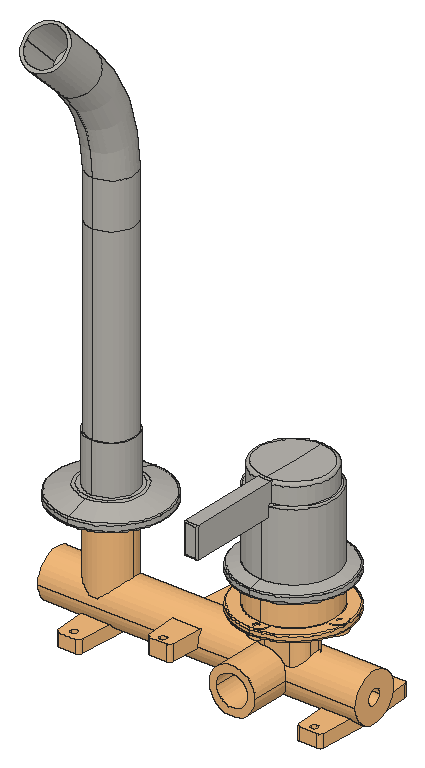
Revit family "Faucet-Handle-KOHLER-Components-K-77980_1", category Plumbing Fixtures, host Face, Revit 2015
Parameters (values of type "Lever Handle,BN-Vibrant Brushed Nickel")
  Width = 4"  # constant formula
  WaterSense Certified = 1 = 0  # no
  Waste Water Outlet = "Waste Water Outlet"  # constant formula
  Waste Connection = 1 = 0  # no
  Vent Connection = 1 = 0  # no
  URL = "https://www.us.kohler.com/us/"
  Type = 4
  Spout Reach = Length  # 9 5/8"
  Product Page URL = "http://www.us.kohler.com/us/catalog/productDetails.jsp?productNumber=77890-4"
  Product Name = "Components"  # constant formula
  Product Documentation Link = "https://www.us.kohler.com/webassets/kpna/catalog/pdf/en/K-77890-4_spec.pdf"
  Pressure = 0.00 psi
  Pin Handle = or(Type = 1, Type = 2)  # no
  Model = if(Type = 1, "K-77890-4A-CP", if(Type = 2, "K-77890-4A-BN", if(Type = 3, "K-77890-4-CP", if(Type = 4, "K-77890-4-BN", "NA"))))  # "K-77890-4-BN"
  Material = "Premium Metal Construction"  # constant formula
  MasterFormat 2004 = "22.41.39"  # constant formula
  MasterFormat 1995 = "15410"  # constant formula
  Manufacturer Address = "444 Highland Dr, Kohler, WI 53044"  # constant formula
  Manufacturer = "KOHLER Co."  # constant formula
  Lever Handle = or(Type = 3, Type = 4)  # yes
  Length = 9 5/8"  # constant formula
  Hot Water Inlet = "Hot Water Inlet"  # constant formula
  Height = 2 3/8"  # constant formula
  Handle Height = if(Pin Handle, 1 15/32", 2 5/32")  # 2 5/32"
  Handle Clearance = if(Pin Handle, 3 5/8", 2 13/16")  # 2 13/16"
  HW Connection = 1 = 1  # yes
  Flow Rate = 0 GPM
  Finish = Kohler-Metal-BN-Vibrant_Brushed_Nickel
  Faucet Hole Spacing = Width  # 4"
  Environmental Product Declaration = ""
  Drain Included = 1 = 0  # no
  Description = if(or(Type = 1, Type = 2), "Wall-Mount Bathroom Sink Pin Handle", if(or(Type = 3, Type = 4), "Wall-Mount Bathroom Sink Lever Handle", "NA"))  # "Wall-Mount Bathroom Sink Lever Handle"
  Default Elevation = 32"
  Declare Label = ""
  Date Modified = "04/23/2019"  # constant formula
  Date Created = "04/23/2019"  # constant formula
  Copyright = "Copyright KOHLER Co."  # constant formula
  Contact Us = "https://www.us.kohler.com/us/static/contact.jsp"
  Cold Water Inlet = "Cold Water Inlet"  # constant formula
  CW Connection = 1 = 1  # yes
  Assembly Code = "D2010"
  ADA Compliant = 1 = 0  # no
Types (5): name | Type | Product Page URL | Product Documentation Link | Pin Handle | Model | Lever Handle | Handle Height | Handle Clearance | Finish | Description
  (no name) | 4 | "http://www.us.kohler.com/us/catalog/productDetails.jsp?productNumber=77890-4" | "https://www.us.kohler.com/webassets/kpna/catalog/pdf/en/K-77890-4_spec.pdf" | no | "K-77890-4-BN" | yes | 2 5/32" | 2 13/16" | Kohler-Metal-BN-Vibrant_Brushed_Nickel | "Wall-Mount Bathroom Sink Lever Handle"
  Pin Handle,BN-Vibrant Brushed Nickel | 2 | "http://www.us.kohler.com/us/catalog/productDetails.jsp?productNumber=77890-4A" | "https://www.us.kohler.com/webassets/kpna/catalog/pdf/en/K-77890-4A_spec.pdf" | yes | "K-77890-4A-BN" | no | 1 15/32" | 3 5/8" | Kohler-Metal-BN-Vibrant_Brushed_Nickel | "Wall-Mount Bathroom Sink Pin Handle"
  Pin Handle,CP-Polished Chrome | 1 | "http://www.us.kohler.com/us/catalog/productDetails.jsp?productNumber=77890-4A" | "https://www.us.kohler.com/webassets/kpna/catalog/pdf/en/K-77890-4A_spec.pdf" | yes | "K-77890-4A-CP" | no | 1 15/32" | 3 5/8" | Kohler-Metal-CP-Polished_Chrome | "Wall-Mount Bathroom Sink Pin Handle"
  Lever Handle,BN-Vibrant Brushed Nickel | 4 | "http://www.us.kohler.com/us/catalog/productDetails.jsp?productNumber=77890-4" | "https://www.us.kohler.com/webassets/kpna/catalog/pdf/en/K-77890-4_spec.pdf" | no | "K-77890-4-BN" | yes | 2 5/32" | 2 13/16" | Kohler-Metal-BN-Vibrant_Brushed_Nickel | "Wall-Mount Bathroom Sink Lever Handle"
  Lever Handle,CP-Polished Chrome | 3 | "http://www.us.kohler.com/us/catalog/productDetails.jsp?productNumber=77890-4" | "https://www.us.kohler.com/webassets/kpna/catalog/pdf/en/K-77890-4_spec.pdf" | no | "K-77890-4-CP" | yes | 2 5/32" | 2 13/16" | Kohler-Metal-CP-Polished_Chrome | "Wall-Mount Bathroom Sink Lever Handle"
Reference planes (in)
  plane 1 "Center (Front/Back)": y = 0
  plane 2: z = 0
  plane 3 "Center (Left/Right)": x = 0
  plane 4: y = -1.1875
  plane 5: y = 1.1875
  plane 6: z = 2.15625
  plane 7: y = -2.8125
  plane 8: z = 9.625
  plane 9: x = 4
  plane 10: x = -1.1875
  plane 11: x = 2.8125
  plane 12: x = 1.1875
  plane 13: x = 5.1875
  plane 14: z = -0.625
  plane 15: x = 5.7698874
  plane 16: z = -2.451531
  plane 17: x = 3.7268019
  plane 18: z = -1.8732774
Forms (in)
  Extrusion 1, void
    sketch origin (0, 0, 0) x (0, 1, 0) y (0, 0, 1)
      loop
        line (1.247363, -2.4914824) -> (1.247363, -0.625) -> (-1.3718709, -0.625) -> (-1.3718709, -2.4914824) -> (1.247363, -2.4914824)
    from -1.1875 to 5.7698874
  Extrusion 2, void
    sketch origin (0, 0, 0) x (1, 0, 0) y (0, 1, 0)
      loop
        circle (0, 0) r 0.5532937
      loop
        circle (4, 0) r 0.9359104
    from -0.625 to 0
Dimensions and locks (in)
  "Handle Clearance": plane 7 to plane 1 "Center (Front/Back)"
  "Handle Clearance": plane 1 "Center (Front/Back)" to plane 7
  "Length": level to plane 8
  "Handle Height": plane 6 to level
  "Height": plane 5 to plane 4
  "Width": plane 9 to plane 3 "Center (Left/Right)"
  host face to plane 14 = 5/8"
  aligned and locked: plane 2 to host face
  aligned and locked: level to host face
  aligned and locked: nested 1 to plane 4
Automatic sketch dimensions
  host sketch curve to host sketch curve = 96"  (x2)
  Extrusion 1 sketch curve to plane 5 = 0.05986"
  Extrusion 1 sketch curve to plane 4 = 0.18437"
  Extrusion 1 sketch curve to level = 5/8"
  Extrusion 1 sketch curve to Extrusion 1 sketch curve = 1.86648"
  plane 1 "Center (Front/Back)" to Extrusion 2 sketch curve = 0"  (x2)
  Extrusion 2 sketch curve to plane 3 "Center (Left/Right)" = 0"
  Extrusion 2 sketch curve to plane 9 = 0"
  radius of Extrusion 2 sketch curve = 0.55329"
  radius of Extrusion 2 sketch curve = 0.93591"
Nested families (in)
  nested 1: "K-77980_Spout" at (0, 0, 0) x (1, 0, 0) z (0, 1, 0), type "K-77980_Spout"
  nested 2: "K-77980_Handle" at (4, 0, 0), type "K-77980_Handle"
    with Pin Handle no
Connectors (in)
  piping at (3.7268019, -1.3329802, -1.8810899), diameter 0.5, driven by "HW Connection", driven by "Hot Water Inlet"
    settings: on nested 2, index 1, connector inside diameter 24", connector length 0", flow factor 0, pipe flow 0 GPM, pressure drop 0.00 psi, fitting loss kfactor 0, connector angle 0.00°, fixture units 0, engagement length 0", angle of deflection 0.00°, flow configuration 0, flow direction 1, fitting loss method 0, system type 19, joint type 0, gender type 0, connector reference index -1, connector utility 1, adjustable connector no, is connector primary yes, connector description "Hot Water Inlet"
  piping at (5.7698874, 0, -1.8732774), diameter 0.5, driven by "CW Connection", driven by "Cold Water Inlet"
    settings: on nested 2, index 2, connector inside diameter 24", connector length 0", flow factor 0, pipe flow 0 GPM, pressure drop 0.00 psi, fitting loss kfactor 0, connector angle 0.00°, fixture units 0, engagement length 0", angle of deflection 0.00°, flow configuration 0, flow direction 1, fitting loss method 0, system type 20, joint type 0, gender type 0, connector reference index -1, connector utility 1, adjustable connector no, is connector primary no, connector description "Cold Water Inlet"
Definition of nested family "K-77980_Spout"
  Parameters (values of type "K-77980_Spout")
    Material = none
    Default Elevation = 48"
  Reference planes (in)
    plane 1 "Center (Front/Back)": y = 0
    plane 2: z = 0
    plane 3 "Center (Left/Right)": x = 0
    plane 4: z = 1.1875
    plane 5: z = -1.1875
    plane 6: x = -1.1875
    plane 7: x = 1.1875
    plane 8: y = -9.625
    plane 9: z = -1.8125
  Forms (in)
    Sweep 1, solid, material <- "Material", detail levels medium+fine
      path origin (0, 1.753937, 0) x (0, 1, 0) y (0, 0, 1)
        loop
          line (-7.2736007, 0) -> (-8.2736007, 0)
          arc (-8.2736007, 0) -> (-9.5160961, -0.2471477) -> (-10.5694328, -0.9509648) r 3.2467969
          line (-10.5694328, -0.9509648) -> (-11.4041701, -1.7857021)
      profile origin (0, -6.0196637, 0) x (0, 0, -1) y (1, 0, 0)
        loop
          circle (0, 0) r 0.4914397
    Revolve 2, solid, material <- "Material", detail levels medium+fine
      sketch origin (0, 0, 0) x (0, 1, 0) y (0, 0, 1)
        loop
          line (-0.3105858, 0.5209702) -> (-0.3105858, 0.6136659)
          arc (-0.3105858, 0.6136659) -> (-0.3085098, 0.6473574) -> (-0.3023133, 0.6805391) r 0.2744283
          arc (-0.3023133, 0.6805391) -> (-0.2361483, 0.9254262) -> (-0.1613457, 1.1678144) r 7.1562241
          arc (-0.1613457, 1.1678144) -> (-0.1509471, 1.1820616) -> (-0.134168, 1.1875) r 0.0286034
          line (-0.134168, 1.1875) -> (-0.0211425, 1.1875)
          arc (-0.0211425, 1.1875) -> (-0.0061925, 1.1813075) -> (0, 1.1663575) r 0.0211425
          line (0, 1.1663575) -> (0, 0) -> (-5.8505408, 0) -> (-5.8505408, 0.2138009) -> (-5.5196637, 0.4914397) -> (-1.3779528, 0.4914397) -> (-1.3779528, 0.5242343) -> (-0.3105858, 0.5242343)
        axis (-5.8505408, 0) -> (0, 0)
      angle from 0 to 360
    Extrusion 3, void
      sketch origin (0, -9.6502331, -1.7857021) x (1, 0, 0) y (0, -0.707107, 0.707107)
        loop
          circle (0, 0) r 0.4233733
      from -1.0767243 to 0.2907991
    Sweep 4, solid, material <- "Material", detail levels coarse
      path origin (0, 0, 0) x (0, 1, 0) y (0, 0, 1)
        loop
          line (-0.3105858, 0) -> (-6.6276094, 0)
          arc (-6.6276094, 0) -> (-7.770376, -0.2273104) -> (-8.7391667, -0.8746356) r 2.9861929
          line (-8.7391667, -0.8746356) -> (-9.6502331, -1.7857021)
      profile origin (0, -3.4690976, 0) x (0, 0, -1) y (1, 0, 0)
        loop
          circle (0, 0) r 0.5
    Revolve 5, solid, material <- "Material", detail levels coarse
      sketch origin (0, 0, 0) x (0, 1, 0) y (0, 0, 1)
        loop
          line (-0.3011374, 0) -> (0, 0) -> (0, 1.1825176) -> (-0.3011374, 1.1825176) -> (-0.3011374, 0)
        axis (0, 0) -> (-0.3011374, 0)
      angle from 0 to 360
  Cuts and joins
    joined: Sweep 4, Revolve 5
    Extrusion 3 cuts Sweep 1
    Extrusion 3 cuts Revolve 2
    joined: Sweep 1, Revolve 2
  Lines and regions (in)
    Masking region 1
      outline origin (0, 0, 0) x (1, 0, 0) y (0, 1, 0)
        loop
          line (1.1875, 0) -> (-1.1875, 0) -> (-1.1875, -0.1344324)
          arc (-1.1875, -0.1344324) -> (-1.1826819, -0.1493216) -> (-1.1700543, -0.1585654) r 0.0254146
          arc (-1.1700543, -0.1585654) -> (-0.9206191, -0.2356434) -> (-0.6684041, -0.3030717) r 6.7872948
          arc (-0.6684041, -0.3030717) -> (-0.6388255, -0.3085676) -> (-0.6088084, -0.3105858) r 0.2582114
          line (-0.6088084, -0.3105858) -> (-0.5242343, -0.3105858) -> (-0.5242343, -1.3779528) -> (-0.4914397, -1.3779528) -> (-0.4914397, -9.6216413)
          spline (-0.4914397, -9.6216413) -> (-0.4746943, -9.7189811) -> (-0.4255993, -9.8096874) -> (-0.3475004, -9.8875786) -> (-0.2457199, -9.9473467) -> (-0.127194, -9.9849184) -> (0, -9.9977335) -> (0.127194, -9.9849184) -> (0.2457199, -9.9473467) -> (0.3475004, -9.8875786) -> (0.4255993, -9.8096874) -> (0.4746943, -9.7189811) -> (0.4914397, -9.6216413)
          line (0.4914397, -9.6216413) -> (0.4914397, -1.3779528) -> (0.5242343, -1.3779528) -> (0.5242343, -0.3105858) -> (0.6088084, -0.3105858)
          arc (0.6088084, -0.3105858) -> (0.6388255, -0.3085676) -> (0.6684041, -0.3030717) r 0.2582114
          arc (0.6684041, -0.3030717) -> (0.9206191, -0.2356434) -> (1.1700543, -0.1585654) r 6.7872948
          arc (1.1700543, -0.1585654) -> (1.1826819, -0.1493216) -> (1.1875, -0.1344324) r 0.0254146
          line (1.1875, -0.1344324) -> (1.1875, 0)
    Masking region 2
      outline origin (0, 0, 0) x (1, 0, 0) y (0, 0, 1)
        loop
          line (-0.4914632, -1.0810274) -> (-0.4914632, -1.7857021)
          spline (-0.4914632, -1.7857021) -> (-0.4746943, -1.8756418) -> (-0.4255993, -1.9594523) -> (-0.3475004, -2.0314219) -> (-0.2457199, -2.0866462) -> (-0.127194, -2.1213617) -> (0, -2.1332025) -> (0.127194, -2.1213617) -> (0.2457199, -2.0866462) -> (0.3475004, -2.0314219) -> (0.4255993, -1.9594523) -> (0.4746943, -1.8756418) -> (0.4914397, -1.7857021)
          line (0.4914397, -1.7857021) -> (0.4914632, -1.0810274)
          arc (0.4914632, -1.0810274) -> (0.998441, -0.6428622) -> (1.1875, 0) r 1.1875
          arc (1.1875, 0) -> (0.8396893, 0.8396893) -> (0, 1.1875) r 1.1875
          arc (0, 1.1875) -> (-0.8396893, 0.8396893) -> (-1.1875, 0) r 1.1875
          arc (-1.1875, 0) -> (-0.998441, -0.6428622) -> (-0.4914632, -1.0810274) r 1.1875
    Masking region 3
      outline origin (0, 0, 0) x (0, 1, 0) y (0, 0, 1)
        loop
          arc (-6.6279528, 0.4914397) -> (-7.9416189, 0.2431546) -> (-9.0555891, -0.4960574) r 3.3724598
          line (-9.0555891, -0.4960574) -> (-9.9977335, -1.4382017) -> (-9.3027327, -2.1332025) -> (-8.4698506, -1.3003203)
          arc (-8.4698506, -1.3003203) -> (-7.6249232, -0.7227718) -> (-6.6279528, -0.4914397) r 2.7701116
          line (-6.6279528, -0.4914397) -> (-1.3779528, -0.4914397) -> (-1.3779528, -0.5242343) -> (-0.3105858, -0.5242343) -> (-0.3105858, -0.6136659)
          arc (-0.3105858, -0.6136659) -> (-0.3085098, -0.6473574) -> (-0.3023133, -0.6805391) r 0.2744283
          arc (-0.3023133, -0.6805391) -> (-0.2361483, -0.9254262) -> (-0.1613457, -1.1678144) r 7.1562241
          arc (-0.1613457, -1.1678144) -> (-0.1509471, -1.1820616) -> (-0.134168, -1.1875) r 0.0286034
          line (-0.134168, -1.1875) -> (-0.0211425, -1.1875)
          arc (-0.0211425, -1.1875) -> (-0.0061925, -1.1813075) -> (0, -1.1663575) r 0.0211425
          line (0, -1.1663575) -> (0, 0) -> (0, 1.1663575)
          arc (0, 1.1663575) -> (-0.0061925, 1.1813075) -> (-0.0211425, 1.1875) r 0.0211425
          line (-0.0211425, 1.1875) -> (-0.134168, 1.1875)
          arc (-0.134168, 1.1875) -> (-0.1509471, 1.1820616) -> (-0.1613457, 1.1678144) r 0.0286034
          arc (-0.1613457, 1.1678144) -> (-0.2361483, 0.9254262) -> (-0.3023133, 0.6805391) r 7.1562241
          arc (-0.3023133, 0.6805391) -> (-0.3085098, 0.6473574) -> (-0.3105858, 0.6136659) r 0.2744283
          line (-0.3105858, 0.6136659) -> (-0.3105858, 0.5242343) -> (-1.3779528, 0.5242343) -> (-1.3779528, 0.4914397) -> (-6.6279528, 0.4914397)
    symbolic lines, detail levels medium+fine
      curve 1: line (-0.5242343, -0.3105858, 0) -> (0.5242343, -0.3105858, 0)
      curve 2: line (-0.4914397, -1.3779528, 0) -> (0.4914397, -1.3779528, 0)
      curve 3: arc (0.4914397, 0, -0.1825065) -> (0, 0, 0.5242343) -> (-0.4914397, 0, -0.1825065) r 0.5242343
      curve 4: arc (0.4914397, 0, 0) -> (0, 0, 0.4914397) -> (-0.4914397, 0, 0) r 0.4914397
      curve 5: line (-0.4914397, 0, 0) -> (-0.4914397, 0, -1.0862005)
      curve 6: line (0.4914397, 0, 0) -> (0.4914397, 0, -1.0862005)
      curve 7: spline (0.4899763, 0, -1.8125) -> (0.4818889, 0, -1.7175256) -> (0.4376755, 0, -1.6276622) -> (0.3606505, 0, -1.5496468) -> (0.2565884, 0, -1.4893278) -> (0.1332904, 0, -1.4512274) -> (0, 0, -1.4382017) -> (-0.1332904, 0, -1.4512274) -> (-0.2565884, 0, -1.4893278) -> (-0.3606505, 0, -1.5496468) -> (-0.4376755, 0, -1.6276622) -> (-0.4818889, 0, -1.7175256) -> (-0.4899763, 0, -1.8125)
      curve 8: spline (-0.4233733, 0, -1.7857021) -> (-0.4089472, 0, -1.7082194) -> (-0.366652, 0, -1.636017) -> (-0.2993701, 0, -1.5740154) -> (-0.2116866, 0, -1.52644) -> (-0.1095771, 0, -1.4965328) -> (0, 0, -1.486332) -> (0.1095771, 0, -1.4965328) -> (0.2116866, 0, -1.52644) -> (0.2993701, 0, -1.5740154) -> (0.366652, 0, -1.636017) -> (0.4089472, 0, -1.7082194) -> (0.4233733, 0, -1.7857021)
      curve 9: spline (0.4233733, 0, -1.7857021) -> (0.4089472, 0, -1.8631848) -> (0.366652, 0, -1.9353871) -> (0.2993701, 0, -1.9973887) -> (0.2116866, 0, -2.0449642) -> (0.1095771, 0, -2.0748714) -> (0, 0, -2.0850722) -> (-0.1095771, 0, -2.0748714) -> (-0.2116866, 0, -2.0449642) -> (-0.2993701, 0, -1.9973887) -> (-0.366652, 0, -1.9353871) -> (-0.4089472, 0, -1.8631848) -> (-0.4233733, 0, -1.7857021)
      curve 10: line (0, -0.3105858, 0.5242343) -> (0, -0.3105858, -0.5242343)
      curve 11: line (0, -1.3779528, 0.4914397) -> (0, -1.3779528, -0.4914397)
  Dimensions and locks (in)
    plane 4 to plane 2 = 1 3/16"
    plane 8 to plane 1 "Center (Front/Back)" = 9 5/8"  (x2)
    level to plane 9 = 1 13/16"
    aligned and locked: plane 2 to level
Definition of nested family "K-77980_Handle"
  Parameters (values of type "K-77980_Handle")
    Pin Handle = yes
    Material = none
    Lever Handle = yes
  Reference planes (in)
    plane 1 "Center (Front/Back)": y = 0
    plane 2: z = 0
    plane 3 "Center (Left/Right)": x = 0
    plane 4: x = 1.1875
    plane 5: y = 1.1875
    plane 6: y = -2.8125
    plane 7: x = -1.1875
    plane 8: y = -1.1875
    plane 9: z = 2.15625
    plane 10: z = -0.625
    plane 11: y = -3.625
    plane 12: x = -5.1875
    plane 13: x = 1.7698874
    plane 14: z = 1.46875
    plane 15: x = -4
    plane 16: z = -2.451531
    plane 17: x = -0.2731981
    plane 18: z = -1.8732774
  Forms (in)
    Revolve 1, solid, material <- "Material", visible <- "Lever Handle", detail levels medium+fine
      sketch origin (0, 0, 0) x (0, 1, 0) y (0, 0, 1)
        loop
          line (0.8979474, 0.2208308) -> (0.8979474, 1.6963229)
          arc (0.8979474, 1.6963229) -> (0.8885837, 1.7189288) -> (0.8659779, 1.7282924) r 0.0319695
          line (0.8659779, 1.7282924) -> (0.8169291, 1.7282924) -> (0.8169291, 2.0917589)
          arc (0.8169291, 2.0917589) -> (0.7980401, 2.137361) -> (0.752438, 2.15625) r 0.0644911
          line (0.752438, 2.15625) -> (0, 2.15625) -> (0, 0.2208308) -> (0.8979474, 0.2208308)
        axis (0, 2.15625) -> (0, 0.2208308)
      angle from 0 to 360
    Sweep 2, solid, material <- "Material", visible <- "Lever Handle", detail levels medium+fine
      path origin (0, 0, 0) x (1, 0, 0) y (0, 0, 1)
        loop
          line (-0.1283476, 2.1251151) -> (-0.1283476, 1.4931624) -> (0.1283476, 1.4931624) -> (0.1283476, 2.1251151) -> (-0.1283476, 2.1251151)
      profile origin (0, 0, 2.1251151) x (0, 0, 1) y (0, -1, 0)
        loop
          line (-0.0089372, 2.8125) -> (-0.0422279, 2.8125) -> (-0.0422279, 0) -> (0.0197466, 0) -> (0.0197466, 2.7838163)
          arc (0.0197466, 2.7838163) -> (0.0113453, 2.8040987) -> (-0.0089372, 2.8125) r 0.0286837
    Extrusion 3, solid, material <- "Material", visible <- "Lever Handle", detail levels medium+fine
      sketch origin (0, 0, 0) x (1, 0, 0) y (0, 0, 1)
        loop
          line (-0.0861197, 2.0828872) -> (-0.0861197, 1.5353903) -> (0.0861197, 1.5353903) -> (0.0861197, 2.0828872) -> (-0.0861197, 2.0828872)
      from 0.0041415 to 2.8125
    Revolve 4, solid, material <- "Material", detail levels medium+fine
      sketch origin (0, 0, 0) x (0, 1, 0) y (0, 0, 1)
        loop
          line (0, 0) -> (1.1656517, 0)
          arc (1.1656517, 0) -> (1.1811008, 0.0063992) -> (1.1875, 0.0218483) r 0.0218483
          line (1.1875, 0.0218483) -> (1.1875, 0.1287936)
          arc (1.1875, 0.1287936) -> (1.1818003, 0.1452974) -> (1.1671307, 0.1547665) r 0.0267437
          line (1.1671307, 0.1547665) -> (0.8979474, 0.2208308) -> (0, 0.2208308) -> (0, 0)
        axis (0, 0.2208308) -> (0, 0)
      angle from 0 to 360
    Extrusion 5, solid, detail levels medium+fine
      sketch origin (0, 0, 0.8255414) x (0, 1, 0) y (0, 0, 1)
        loop
          circle (0, -2.6988189) r 0.5177686
        loop
          circle (0, -2.6988189) r 0.1655032
      from -5.1875 to 1.7698874
    Extrusion 6, solid, detail levels medium+fine
      sketch origin (0, 0, 0.8177289) x (1, 0, 0) y (0, 0, 1)
        loop
          circle (-0.2731981, -2.6988189) r 0.5
        loop
          circle (-0.2731981, -2.6988189) r 0.3412114
      from 0.0796403 to 1.3329802
    Extrusion 7, solid, detail levels medium+fine
      sketch origin (0, 0, 0.7942914) x (1, 0, 0) y (0, 1, 0)
        loop
          circle (-4, 0) r 0.5
        loop
          circle (-4, 0) r 0.3412114
      from -2.5747907 to -0.7942914
    Extrusion 8, solid, detail levels medium+fine
      sketch origin (0, 0, 0.7942914) x (1, 0, 0) y (0, 1, 0)
        loop
          arc (-0.8871373, -0.2076344) -> (-0.6442533, -0.6442533) -> (-0.2076344, -0.8871373) r 0.9111117
          line (-0.2076344, -0.8871373) -> (-0.2014337, -0.9758108)
          arc (-0.2014337, -0.9758108) -> (0, -1.1636508) -> (0.2014337, -0.9758108) r 0.2019256
          line (0.2014337, -0.9758108) -> (0.2076344, -0.8871373)
          arc (0.2076344, -0.8871373) -> (0.6442533, -0.6442533) -> (0.8871373, -0.2076344) r 0.9111117
          line (0.8871373, -0.2076344) -> (0.9830659, -0.2009264)
          arc (0.9830659, -0.2009264) -> (1.1704327, 0) -> (0.9830659, 0.2009264) r 0.201417
          line (0.9830659, 0.2009264) -> (0.8871373, 0.2076344)
          arc (0.8871373, 0.2076344) -> (0.6442533, 0.6442533) -> (0.2076344, 0.8871373) r 0.9111117
          line (0.2076344, 0.8871373) -> (0.2013012, 0.977706)
          arc (0.2013012, 0.977706) -> (0, 1.1654223) -> (-0.2013012, 0.977706) r 0.2017927
          line (-0.2013012, 0.977706) -> (-0.2076344, 0.8871373)
          arc (-0.2076344, 0.8871373) -> (-0.6442533, 0.6442533) -> (-0.8871373, 0.2076344) r 0.9111117
          line (-0.8871373, 0.2076344) -> (-0.9800815, 0.2011351)
          arc (-0.9800815, 0.2011351) -> (-1.167643, 0) -> (-0.9800815, -0.2011351) r 0.2016262
          line (-0.9800815, -0.2011351) -> (-0.8871373, -0.2076344)
        loop
          circle (-1.0196857, 0.0000002) r 0.0554067
        loop
          circle (1.0196857, 0.0000002) r 0.0554067
        loop
          circle (0.0000001, -1.0196856) r 0.0554067
        loop
          circle (-0.0000001, 1.0196859) r 0.0554067
      from -1.6248534 to -1.4192914
    Extrusion 9, solid, detail levels medium+fine
      sketch origin (0, 0, 0.7942914) x (1, 0, 0) y (0, 1, 0)
        loop
          line (-4.3440031, 0) -> (-4.266047, -1.1148247)
          arc (-4.266047, -1.1148247) -> (-4.2413934, -1.166512) -> (-4.1881123, -1.1875) r 0.078125
          line (-4.1881123, -1.1875) -> (-3.8109727, -1.1875)
          arc (-3.8109727, -1.1875) -> (-3.758362, -1.1667761) -> (-3.7340187, -1.1157392) r 0.077142
          line (-3.7340187, -1.1157392) -> (-3.6559986, 0) -> (-3.7340187, 1.1157392)
          arc (-3.7340187, 1.1157392) -> (-3.758362, 1.1667761) -> (-3.8109727, 1.1875) r 0.077142
          line (-3.8109727, 1.1875) -> (-4.1881123, 1.1875)
          arc (-4.1881123, 1.1875) -> (-4.2413934, 1.166512) -> (-4.266047, 1.1148247) r 0.078125
          line (-4.266047, 1.1148247) -> (-4.3440031, 0)
        loop
          line (1.6252531, 0) -> (1.547297, 1.1148247)
          arc (1.547297, 1.1148247) -> (1.5226434, 1.166512) -> (1.4693623, 1.1875) r 0.078125
          line (1.4693623, 1.1875) -> (1.0922227, 1.1875)
          arc (1.0922227, 1.1875) -> (1.039612, 1.1667761) -> (1.0152687, 1.1157392) r 0.077142
          line (1.0152687, 1.1157392) -> (0.9372486, 0) -> (1.0152687, -1.1157392)
          arc (1.0152687, -1.1157392) -> (1.039612, -1.1667761) -> (1.0922227, -1.1875) r 0.077142
          line (1.0922227, -1.1875) -> (1.4693623, -1.1875)
          arc (1.4693623, -1.1875) -> (1.5226434, -1.166512) -> (1.547297, -1.1148247) r 0.078125
          line (1.547297, -1.1148247) -> (1.6252531, 0)
        loop
          circle (-4.0075034, 1.0005515) r 0.0742188
        loop
          circle (-4.0075034, -1.0005515) r 0.0742188
        loop
          circle (1.2887534, 0.9693015) r 0.0742188
        loop
          circle (1.2887534, -1.0318015) r 0.0742188
      from -3.2458224 to -2.9731336
    Extrusion 10, solid, detail levels medium+fine
      sketch origin (0, 0, 0.7942914) x (1, 0, 0) y (0, 1, 0)
        loop
          line (-2.3225836, 0.3759843) -> (-1.6871619, 0.3759843) -> (-1.7388906, 1.1157392)
          arc (-1.7388906, 1.1157392) -> (-1.7632339, 1.1667761) -> (-1.8158446, 1.1875) r 0.077142
          line (-1.8158446, 1.1875) -> (-2.1929842, 1.1875)
          arc (-2.1929842, 1.1875) -> (-2.2462653, 1.166512) -> (-2.2709189, 1.1148247) r 0.078125
          line (-2.2709189, 1.1148247) -> (-2.3225836, 0.3759843)
        loop
          line (-2.3225836, -0.3759843) -> (-2.2709189, -1.1148247)
          arc (-2.2709189, -1.1148247) -> (-2.2462653, -1.166512) -> (-2.1929842, -1.1875) r 0.078125
          line (-2.1929842, -1.1875) -> (-1.8158446, -1.1875)
          arc (-1.8158446, -1.1875) -> (-1.7632339, -1.1667761) -> (-1.7388906, -1.1157392) r 0.077142
          line (-1.7388906, -1.1157392) -> (-1.6871619, -0.3759843) -> (-2.3225836, -0.3759843)
        loop
          circle (-2.0000008, 1.0445422) r 0.073807
        loop
          circle (-2.0000008, -1.0735681) r 0.073807
      from -2.7044388 to -2.3626271
    Extrusion 11, solid, detail levels medium+fine
      sketch origin (0, 0, 0.7942914) x (1, 0, 0) y (0, 1, 0)
        loop
          line (-0.2723894, -0.441191) -> (0.2736229, -0.441191)
          arc (0.2736229, -0.441191) -> (0.4545991, -0.3708132) -> (0.5404822, -0.1966594) r 0.2678787
          line (0.5404822, -0.1966594) -> (0.5583611, 0.0076964)
          arc (0.5583611, 0.0076964) -> (0.5338648, 0.07986) -> (0.4641108, 0.1105525) r 0.0946103
          line (0.4641108, 0.1105525) -> (0.0238929, 0.1105525)
          arc (0.0238929, 0.1105525) -> (-0.0489496, 0.1317841) -> (-0.0989766, 0.188829) r 0.1355715
          line (-0.0989766, 0.188829) -> (-0.1213106, 0.2367243)
          arc (-0.1213106, 0.2367243) -> (-0.3758905, 0.3763916) -> (-0.5856472, 0.1755932) r 0.2455358
          line (-0.5856472, 0.1755932) -> (-0.6097276, 0.0390268)
          arc (-0.6097276, 0.0390268) -> (-0.6082357, 0.0048109) -> (-0.592427, -0.0255705) r 0.0791388
          arc (-0.592427, -0.0255705) -> (-0.5661702, -0.0668017) -> (-0.551474, -0.113422) r 0.1873339
          line (-0.551474, -0.113422) -> (-0.5321061, -0.2232629)
          arc (-0.5321061, -0.2232629) -> (-0.4419074, -0.3794915) -> (-0.2723894, -0.441191) r 0.2637232
        loop
          circle (-0.2768061, -0.1643193) r 0.129989
        loop
          circle (0.2702987, -0.1591681) r 0.1289063
      from -2.4924508 to -1.4192914
    Revolve 12, solid, material <- "Material", visible <- "Pin Handle", detail levels medium+fine
      sketch origin (0, 0, 0) x (0, 1, 0) y (0, 0, 1)
        loop
          line (0, 0.2208308) -> (0, 1.46875) -> (-0.7969106, 1.46875)
          arc (-0.7969106, 1.46875) -> (-0.8109118, 1.4629505) -> (-0.8167113, 1.4489492) r 0.0198008
          line (-0.8167113, 1.4489492) -> (-0.8167113, 1.1627167)
          arc (-0.8167113, 1.1627167) -> (-0.8107436, 1.1483094) -> (-0.7963363, 1.1423417) r 0.020375
          line (-0.7963363, 1.1423417) -> (-0.6509088, 1.1423417) -> (-0.7938414, 1.0903185)
          arc (-0.7938414, 1.0903185) -> (-0.8104255, 1.0775931) -> (-0.8167113, 1.0576569) r 0.0347578
          line (-0.8167113, 1.0576569) -> (-0.8167113, 0.2208308) -> (0, 0.2208308)
        axis (0, 1.46875) -> (0, 0.2208308)
      angle from 0 to 360
    Extrusion 13, solid, material <- "Material", visible <- "Pin Handle", detail levels medium+fine
      sketch origin (0, 0, -0.0185547) x (1, 0, 0) y (0, 0, 1)
        loop
          circle (0, 1.3314363) r 0.1017901
      from 0 to 3.625
    Extrusion 14, solid, detail levels coarse
      sketch origin (0, 0, 0) x (1, 0, 0) y (0, 1, 0)
        loop
          line (-5.1875, 1.1875) -> (-5.1875, -1.3329802) -> (1.7698874, -1.3329802) -> (1.7698874, 1.1875) -> (-5.1875, 1.1875)
      from -2.451531 to -0.625
    Extrusion 15, solid, material <- "Material", visible <- "Pin Handle", detail levels coarse
      sketch origin (0, 0, 0) x (1, 0, 0) y (0, 1, 0)
        loop
          circle (0, 0) r 1.1875
      from 0 to 1.4734158
    Extrusion 16, solid, material <- "Material", visible <- "Lever Handle", detail levels coarse
      sketch origin (0, 0, 0) x (1, 0, 0) y (0, 1, 0)
        loop
          circle (0, 0) r 1.1912777
      from 0 to 2.1614356
    Extrusion 17, solid, material <- "Material", visible <- "Lever Handle", detail levels coarse
      sketch origin (0, 0, 0) x (1, 0, 0) y (0, 1, 0)
        loop
          line (-0.1480942, -1.1431724) -> (-0.1480942, -2.8125) -> (0.1480942, -2.8125) -> (0.1480942, -1.1431724) -> (-0.1480942, -1.1431724)
      from 1.4734158 to 2.1448617
    Extrusion 18, solid, material <- "Material", visible <- "Pin Handle", detail levels coarse
      sketch origin (0, 0, 0) x (1, 0, 0) y (0, 0, 1)
        loop
          circle (0, 1.3128817) r 0.1017901
      from 0 to 3.625
    Extrusion 19, solid, detail levels coarse
      sketch origin (0, 0, 0) x (1, 0, 0) y (0, 1, 0)
        loop
          circle (-4, 0) r 0.5
      from -0.625 to 0
    Extrusion 20, solid, detail levels coarse
      sketch origin (0, 0, 0) x (1, 0, 0) y (0, 1, 0)
        loop
          circle (0, 0) r 0.8721034
      from -0.625 to 0
    Revolve 21, solid, detail levels medium+fine
      sketch origin (0, 0, 0) x (0, 1, 0) y (0, 0, 1)
        loop
          line (0, -0.7525856) -> (1.1676927, -0.7525856)
          arc (1.1676927, -0.7525856) -> (1.1816986, -0.7467842) -> (1.1875, -0.7327783) r 0.0198073
          line (1.1875, -0.7327783) -> (1.1875, -0.6448075)
          arc (1.1875, -0.6448075) -> (1.1816985, -0.6308015) -> (1.1676925, -0.625) r 0.0198075
          line (1.1676925, -0.625) -> (0.8979474, -0.625) -> (0.8979474, 0) -> (0, 0) -> (0, -0.7525856)
        axis (0, 0) -> (0, -0.7525856)
      angle from 0 to 360
  Cuts and joins
    joined: Revolve 1, Sweep 2, Extrusion 3
    joined: Extrusion 5, Extrusion 6, Extrusion 7, Extrusion 8, Extrusion 9, Extrusion 10
    joined: Revolve 12, Extrusion 13
    joined: Extrusion 16, Extrusion 17
    joined: Extrusion 15, Extrusion 18
    joined: Extrusion 14, Extrusion 19, Extrusion 20
    joined: Extrusion 11, Revolve 21
  Lines and regions (in)
    Masking region 1, visible <- "Lever Handle"
      outline origin (0, 0, 0) x (1, 0, 0) y (0, 1, 0)
        loop
          line (-0.1480942, -1.1782293) -> (-0.1480942, -2.7884837)
          arc (-0.1480942, -2.7884837) -> (-0.14106, -2.8054658) -> (-0.1240779, -2.8125) r 0.0240163
          line (-0.1240779, -2.8125) -> (0.1246567, -2.8125)
          arc (0.1246567, -2.8125) -> (0.1412295, -2.8056353) -> (0.1480942, -2.7890625) r 0.0234375
          line (0.1480942, -2.7890625) -> (0.1480942, -1.1782293)
          arc (0.1480942, -1.1782293) -> (0.8905106, -0.7855872) -> (1.1875, 0) r 1.1875
          arc (1.1875, 0) -> (0.8396893, 0.8396893) -> (0, 1.1875) r 1.1875
          arc (0, 1.1875) -> (-0.8396893, 0.8396893) -> (-1.1875, 0) r 1.1875
          arc (-1.1875, 0) -> (-0.8905106, -0.7855872) -> (-0.1480942, -1.1782293) r 1.1875
    Masking region 2, visible <- "Pin Handle"
      outline origin (0, 0, 0) x (1, 0, 0) y (0, 1, 0)
        loop
          line (0.1017901, -3.625) -> (0.1017901, -1.1831293)
          arc (0.1017901, -1.1831293) -> (0.8749377, -0.8028949) -> (1.1875, 0) r 1.1875
          arc (1.1875, 0) -> (0.8396893, 0.8396893) -> (0, 1.1875) r 1.1875
          arc (0, 1.1875) -> (-0.8396893, 0.8396893) -> (-1.1875, 0) r 1.1875
          arc (-1.1875, 0) -> (-0.8749377, -0.8028949) -> (-0.1017901, -1.1831293) r 1.1875
          line (-0.1017901, -1.1831293) -> (-0.1017901, -3.625) -> (0.1017901, -3.625)
    Masking region 3, visible <- "Lever Handle"
      outline origin (0, 0, 0) x (0, 1, 0) y (0, 0, 1)
        loop
          line (-1.1875, -2.451531) -> (1.1875, -2.451531) -> (1.1875, -2.1788421) -> (0.4179887, -2.1788421)
          arc (0.4179887, -2.1788421) -> (0.4861534, -2.0514325) -> (0.5164542, -1.9101474) r 0.5177686
          line (0.5164542, -1.9101474) -> (1.1875, -1.9101474) -> (1.1875, -1.5683357) -> (0.5, -1.5683357) -> (0.5, -0.9581475) -> (1.1654223, -0.9581475) -> (1.1654223, -0.7525856)
          arc (1.1654223, -0.7525856) -> (1.1807758, -0.7485078) -> (1.1875, -0.7341154) r 0.0187649
          line (1.1875, -0.7341154) -> (1.1875, -0.646075)
          arc (1.1875, -0.646075) -> (1.1813273, -0.6311727) -> (1.166425, -0.625) r 0.021075
          line (1.166425, -0.625) -> (0.8979474, -0.625) -> (0.8979474, 0) -> (1.1645089, 0)
          arc (1.1645089, 0) -> (1.1807661, 0.0067339) -> (1.1875, 0.0229911) r 0.0229911
          line (1.1875, 0.0229911) -> (1.1875, 0.1291182)
          arc (1.1875, 0.1291182) -> (1.1818792, 0.1453922) -> (1.1674129, 0.1547284) r 0.0263695
          line (1.1674129, 0.1547284) -> (0.8979474, 0.2208308) -> (0.8979474, 1.6962034)
          arc (0.8979474, 1.6962034) -> (0.8885487, 1.7188938) -> (0.8658584, 1.7282924) r 0.032089
          line (0.8658584, 1.7282924) -> (0.8169291, 1.7282924) -> (0.8169291, 2.0903319)
          arc (0.8169291, 2.0903319) -> (0.7976221, 2.136943) -> (0.751011, 2.15625) r 0.0659181
          line (0.751011, 2.15625) -> (-0.751011, 2.15625)
          arc (-0.751011, 2.15625) -> (-0.770957, 2.1531598) -> (-0.789033, 2.1441791) r 0.0659181
          line (-0.789033, 2.1441791) -> (-2.7856052, 2.1441791)
          arc (-2.7856052, 2.1441791) -> (-2.8046227, 2.1363018) -> (-2.8125, 2.1172843) r 0.0268948
          line (-2.8125, 2.1172843) -> (-2.8125, 1.5022819)
          arc (-2.8125, 1.5022819) -> (-2.8040453, 1.4818705) -> (-2.7836339, 1.4734158) r 0.0288661
          line (-2.7836339, 1.4734158) -> (-0.8979474, 1.4734158) -> (-0.8979474, 0.2208308) -> (-1.1674129, 0.1547284)
          arc (-1.1674129, 0.1547284) -> (-1.1818792, 0.1453922) -> (-1.1875, 0.1291182) r 0.0263695
          line (-1.1875, 0.1291182) -> (-1.1875, 0.0229911)
          arc (-1.1875, 0.0229911) -> (-1.1807661, 0.0067339) -> (-1.1645089, 0) r 0.0229911
          line (-1.1645089, 0) -> (-0.8979474, 0) -> (-0.8979474, -0.625) -> (-1.166425, -0.625)
          arc (-1.166425, -0.625) -> (-1.1813273, -0.6311727) -> (-1.1875, -0.646075) r 0.021075
          line (-1.1875, -0.646075) -> (-1.1875, -0.7341154)
          arc (-1.1875, -0.7341154) -> (-1.1807758, -0.7485078) -> (-1.1654223, -0.7525856) r 0.0187649
          line (-1.1654223, -0.7525856) -> (-1.1654223, -0.9581475) -> (-0.5, -0.9581475) -> (-0.5, -1.4045274) -> (-1.3329802, -1.4045274) -> (-1.3329802, -2.4045274) -> (-1.1875, -2.4045274) -> (-1.1875, -2.451531)
    Masking region 4, visible <- "Pin Handle"
      outline origin (0, 0, 0) x (0, 1, 0) y (0, 0, 1)
        loop
          line (-1.1875, -2.451531) -> (1.1875, -2.451531) -> (1.1875, -2.1788421) -> (0.4179887, -2.1788421)
          arc (0.4179887, -2.1788421) -> (0.4861534, -2.0514325) -> (0.5164542, -1.9101474) r 0.5177686
          line (0.5164542, -1.9101474) -> (1.1875, -1.9101474) -> (1.1875, -1.5683357) -> (0.5, -1.5683357) -> (0.5, -0.9581475) -> (1.1654223, -0.9581475) -> (1.1654223, -0.7525856)
          arc (1.1654223, -0.7525856) -> (1.1807758, -0.7485078) -> (1.1875, -0.7341154) r 0.0187649
          line (1.1875, -0.7341154) -> (1.1875, -0.646075)
          arc (1.1875, -0.646075) -> (1.1813273, -0.6311727) -> (1.166425, -0.625) r 0.021075
          line (1.166425, -0.625) -> (0.8979474, -0.625) -> (0.8979474, 0) -> (1.1645089, 0)
          arc (1.1645089, 0) -> (1.1807661, 0.0067339) -> (1.1875, 0.0229911) r 0.0229911
          line (1.1875, 0.0229911) -> (1.1875, 0.1291182)
          arc (1.1875, 0.1291182) -> (1.1818792, 0.1453922) -> (1.1674129, 0.1547284) r 0.0263695
          line (1.1674129, 0.1547284) -> (0.8979474, 0.2208308) -> (0.8167113, 0.2208308) -> (0.8167113, 1.0585587)
          arc (0.8167113, 1.0585587) -> (0.8106584, 1.0777562) -> (0.7946889, 1.0900101) r 0.0334699
          line (0.7946889, 1.0900101) -> (0.6509088, 1.1423417) -> (0.7959753, 1.1423417)
          arc (0.7959753, 1.1423417) -> (0.8106379, 1.1484152) -> (0.8167113, 1.1630778) r 0.020736
          line (0.8167113, 1.1630778) -> (0.8167113, 1.4487321)
          arc (0.8167113, 1.4487321) -> (0.8108482, 1.4628869) -> (0.7966935, 1.46875) r 0.0200179
          line (0.7966935, 1.46875) -> (-0.7951777, 1.46875)
          arc (-0.7951777, 1.46875) -> (-0.8104043, 1.4624429) -> (-0.8167113, 1.4472164) r 0.0215336
          line (-0.8167113, 1.4472164) -> (-0.8167113, 1.4146717) -> (-3.625, 1.4146717) -> (-3.625, 1.2110916) -> (-0.8167113, 1.2110916) -> (-0.8167113, 1.1630778)
          arc (-0.8167113, 1.1630778) -> (-0.8106379, 1.1484152) -> (-0.7959753, 1.1423417) r 0.020736
          line (-0.7959753, 1.1423417) -> (-0.6509088, 1.1423417) -> (-0.7946889, 1.0900101)
          arc (-0.7946889, 1.0900101) -> (-0.8106584, 1.0777562) -> (-0.8167113, 1.0585587) r 0.0334699
          line (-0.8167113, 1.0585587) -> (-0.8167113, 0.2208308) -> (-0.8979474, 0.2208308) -> (-1.1674129, 0.1547284)
          arc (-1.1674129, 0.1547284) -> (-1.1818792, 0.1453922) -> (-1.1875, 0.1291182) r 0.0263695
          line (-1.1875, 0.1291182) -> (-1.1875, 0.0229911)
          arc (-1.1875, 0.0229911) -> (-1.1807661, 0.0067339) -> (-1.1645089, 0) r 0.0229911
          line (-1.1645089, 0) -> (-0.8979474, 0) -> (-0.8979474, -0.625) -> (-1.166425, -0.625)
          arc (-1.166425, -0.625) -> (-1.1813273, -0.6311727) -> (-1.1875, -0.646075) r 0.021075
          line (-1.1875, -0.646075) -> (-1.1875, -0.7341154)
          arc (-1.1875, -0.7341154) -> (-1.1807758, -0.7485078) -> (-1.1654223, -0.7525856) r 0.0187649
          line (-1.1654223, -0.7525856) -> (-1.1654223, -0.9581475) -> (-0.5, -0.9581475) -> (-0.5, -1.4045274) -> (-1.3329802, -1.4045274) -> (-1.3329802, -2.4045274) -> (-1.1875, -2.4045274) -> (-1.1875, -2.451531)
    Masking region 5, visible <- "Lever Handle"
      outline origin (0, 0, 0) x (1, 0, 0) y (0, 0, 1)
        loop
          line (-4.3440031, -2.3910461) -> (-4.3440031, -2.451531) -> (-3.6559986, -2.451531) -> (-3.6559986, -2.3910461) -> (0.9372486, -2.3910461) -> (0.9372486, -2.451531) -> (1.6252531, -2.451531) -> (1.6252531, -2.3910385) -> (1.7698874, -2.3910385) -> (1.7698874, -1.3555088) -> (0.558721, -1.3555088) -> (0.558721, -0.9581475) -> (1.1704327, -0.9581475) -> (1.1704327, -0.7525856)
          arc (1.1704327, -0.7525856) -> (1.182822, -0.7428141) -> (1.1875, -0.7277445) r 0.0266115
          line (1.1875, -0.7277445) -> (1.1875, -0.6456943)
          arc (1.1875, -0.6456943) -> (1.1814388, -0.6310612) -> (1.1668057, -0.625) r 0.0206943
          line (1.1668057, -0.625) -> (0.8979474, -0.625) -> (0.8979474, 0) -> (1.1655356, 0)
          arc (1.1655356, 0) -> (1.1810668, 0.0064332) -> (1.1875, 0.0219644) r 0.0219644
          line (1.1875, 0.0219644) -> (1.1875, 0.1294089)
          arc (1.1875, 0.1294089) -> (1.1819587, 0.1454528) -> (1.167697, 0.1546571) r 0.0259968
          line (1.167697, 0.1546571) -> (0.8979474, 0.2208308) -> (0.8979474, 1.696853)
          arc (0.8979474, 1.696853) -> (0.888739, 1.719084) -> (0.8665079, 1.7282924) r 0.0314394
          line (0.8665079, 1.7282924) -> (0.8169291, 1.7282924) -> (0.8169291, 2.0904369)
          arc (0.8169291, 2.0904369) -> (0.7976529, 2.1369738) -> (0.751116, 2.15625) r 0.0658131
          line (0.751116, 2.15625) -> (-0.751116, 2.15625)
          arc (-0.751116, 2.15625) -> (-0.7976529, 2.1369738) -> (-0.8169291, 2.0904369) r 0.0658131
          line (-0.8169291, 2.0904369) -> (-0.8169291, 1.7282924) -> (-0.8665079, 1.7282924)
          arc (-0.8665079, 1.7282924) -> (-0.888739, 1.719084) -> (-0.8979474, 1.696853) r 0.0314394
          line (-0.8979474, 1.696853) -> (-0.8979474, 0.2208308) -> (-1.167697, 0.1546571)
          arc (-1.167697, 0.1546571) -> (-1.1819587, 0.1454528) -> (-1.1875, 0.1294089) r 0.0259968
          line (-1.1875, 0.1294089) -> (-1.1875, 0.0219644)
          arc (-1.1875, 0.0219644) -> (-1.1810668, 0.0064332) -> (-1.1655356, 0) r 0.0219644
          line (-1.1655356, 0) -> (-0.8979474, 0) -> (-0.8979474, -0.625) -> (-1.1668057, -0.625)
          arc (-1.1668057, -0.625) -> (-1.1814388, -0.6310612) -> (-1.1875, -0.6456943) r 0.0206943
          line (-1.1875, -0.6456943) -> (-1.1875, -0.7277445)
          arc (-1.1875, -0.7277445) -> (-1.182822, -0.7428141) -> (-1.1704327, -0.7525856) r 0.0266115
          line (-1.1704327, -0.7525856) -> (-1.1704327, -0.9581475) -> (-0.6109286, -0.9581475) -> (-0.6109286, -1.3555088) -> (-3.5, -1.3555088) -> (-3.5, 0) -> (-4.5, 0) -> (-4.5, -1.3555088) -> (-5.1875, -1.3555088) -> (-5.1875, -2.3910461) -> (-4.3440031, -2.3910461)
    Masking region 6, visible <- "Pin Handle"
      outline origin (0, 0, 0) x (1, 0, 0) y (0, 0, 1)
        loop
          line (-4.3440031, -2.3910461) -> (-4.3440031, -2.451531) -> (-3.6559986, -2.451531) -> (-3.6559986, -2.3910461) -> (0.9372486, -2.3910461) -> (0.9372486, -2.451531) -> (1.6252531, -2.451531) -> (1.6252531, -2.3910385) -> (1.7698874, -2.3910385) -> (1.7698874, -1.3555088) -> (0.558721, -1.3555088) -> (0.558721, -0.9581475) -> (1.1704327, -0.9581475) -> (1.1704327, -0.7525856)
          arc (1.1704327, -0.7525856) -> (1.182822, -0.7428141) -> (1.1875, -0.7277445) r 0.0266115
          line (1.1875, -0.7277445) -> (1.1875, -0.6456943)
          arc (1.1875, -0.6456943) -> (1.1814388, -0.6310612) -> (1.1668057, -0.625) r 0.0206943
          line (1.1668057, -0.625) -> (0.8979474, -0.625) -> (0.8979474, 0) -> (1.1655356, 0)
          arc (1.1655356, 0) -> (1.1810668, 0.0064332) -> (1.1875, 0.0219644) r 0.0219644
          line (1.1875, 0.0219644) -> (1.1875, 0.1294089)
          arc (1.1875, 0.1294089) -> (1.1819587, 0.1454528) -> (1.167697, 0.1546571) r 0.0259968
          line (1.167697, 0.1546571) -> (0.8979474, 0.2208308) -> (0.8167113, 0.2208308) -> (0.8167113, 1.0575704)
          arc (0.8167113, 1.0575704) -> (0.8104031, 1.0775775) -> (0.7937601, 1.0903481) r 0.0348813
          line (0.7937601, 1.0903481) -> (0.6509088, 1.1423417) -> (0.793916, 1.1423417)
          arc (0.793916, 1.1423417) -> (0.8100348, 1.1490183) -> (0.8167113, 1.165137) r 0.0227953
          line (0.8167113, 1.165137) -> (0.8167113, 1.4454872)
          arc (0.8167113, 1.4454872) -> (0.8098978, 1.4619365) -> (0.7934485, 1.46875) r 0.0232628
          line (0.7934485, 1.46875) -> (-0.7934485, 1.46875)
          arc (-0.7934485, 1.46875) -> (-0.8098978, 1.4619365) -> (-0.8167113, 1.4454872) r 0.0232628
          line (-0.8167113, 1.4454872) -> (-0.8167113, 1.165137)
          arc (-0.8167113, 1.165137) -> (-0.8100348, 1.1490183) -> (-0.793916, 1.1423417) r 0.0227953
          line (-0.793916, 1.1423417) -> (-0.6509088, 1.1423417) -> (-0.7937601, 1.0903481)
          arc (-0.7937601, 1.0903481) -> (-0.8104031, 1.0775775) -> (-0.8167113, 1.0575704) r 0.0348813
          line (-0.8167113, 1.0575704) -> (-0.8167113, 0.2208308) -> (-0.8979474, 0.2208308) -> (-1.167697, 0.1546571)
          arc (-1.167697, 0.1546571) -> (-1.1819587, 0.1454528) -> (-1.1875, 0.1294089) r 0.0259968
          line (-1.1875, 0.1294089) -> (-1.1875, 0.0219644)
          arc (-1.1875, 0.0219644) -> (-1.1810668, 0.0064332) -> (-1.1655356, 0) r 0.0219644
          line (-1.1655356, 0) -> (-0.8979474, 0) -> (-0.8979474, -0.625) -> (-1.1668057, -0.625)
          arc (-1.1668057, -0.625) -> (-1.1814388, -0.6310612) -> (-1.1875, -0.6456943) r 0.0206943
          line (-1.1875, -0.6456943) -> (-1.1875, -0.7277445)
          arc (-1.1875, -0.7277445) -> (-1.182822, -0.7428141) -> (-1.1704327, -0.7525856) r 0.0266115
          line (-1.1704327, -0.7525856) -> (-1.1704327, -0.9581475) -> (-0.6109286, -0.9581475) -> (-0.6109286, -1.3555088) -> (-3.5, -1.3555088) -> (-3.5, 0) -> (-4.5, 0) -> (-4.5, -1.3555088) -> (-5.1875, -1.3555088) -> (-5.1875, -2.3910461) -> (-4.3440031, -2.3910461)
    symbolic lines, detail levels medium+fine
      curve 1: arc (0.9837579, 0.665114, 0) -> (1.1875, 0, 0) -> (0.9837579, -0.665114, 0) r 1.1875
      curve 3: circle (0, 0, 0) r 0.8169291 normal (0, 0, 1)
      curve 11: line (0, -0.4179887, -2.1788421) -> (0, -1.1875, -2.1788421)
      curve 12: line (0, -1.1875, -2.1788421) -> (0, -1.1875, -2.4045274)
      curve 13: line (0, -0.4184434, -1.5683357) -> (0, -1.1875, -1.5683357)
      curve 14: line (0, -1.1875, -1.5683357) -> (0, -1.1875, -1.9101474)
      curve 15: line (0, -1.1875, -1.9101474) -> (0, -0.5164542, -1.9101474)
      curve 16: line (0, 0.5, -1.5683357) -> (0, 0.4184434, -1.5683357)
      curve 17: line (0, -0.5, -1.4045274) -> (0, -0.219904, -1.4045274)
      curve 18: line (0, 1.1654223, -0.7525856) -> (0, 0.5, -0.7525856)
      curve 19: line (0, 0.8979474, -0.625) -> (0, 0.5, -0.625)
      curve 20: line (0, 0.8979474, 0) -> (0, -0.8979474, 0)
      curve 21: line (0, 0.8979474, 0.2208308) -> (0, -0.8979474, 0.2208308)
      curve 30: line (0, 0.5, -0.9581475) -> (0, 0.5, 0)
      curve 31: line (0, -0.5, -0.9581475) -> (0, -0.5, 0)
      curve 32: line (0, -0.5, -0.7525856) -> (0, -1.1636508, -0.7525856)
      curve 33: line (0, -0.5, -0.625) -> (0, -0.8979474, -0.625)
      curve 34: line (0, 0.8871373, -0.9581475) -> (0, 0.8871373, -0.7525856)
      curve 35: line (0, -0.8871373, -0.9581475) -> (0, -0.8871373, -0.7525856)
      curve 36: line (0.8979474, 0, -0.625) -> (-0.8979474, 0, -0.625)
      curve 37: line (0.8979474, 0, 0) -> (-0.8979474, 0, 0)
      curve 38: line (0.8979474, 0, 0.2208308) -> (-0.8979474, 0, 0.2208308)
      curve 40: line (0.558721, 0, -0.9581475) -> (-0.6109286, 0, -0.9581475)
      curve 41: line (0.8871373, 0, -0.9581475) -> (0.8871373, 0, -0.625)
      curve 42: line (1.1704327, 0, -0.625) -> (-1.1704327, 0, -0.625)
      curve 43: line (-0.8871373, 0, -0.9581475) -> (-0.8871373, 0, -0.625)
      curve 44: line (-0.2013012, 0, -0.9581475) -> (-0.2013012, 0, -0.625)
      curve 45: line (0.2013012, 0, -0.9581475) -> (0.2013012, 0, -0.625)
      curve 46: arc (0.558721, 0, -1.3555088) -> (-0.0261038, 0, -1.579913) -> (-0.6109286, 0, -1.3555088) r 0.8742645
      curve 47: arc (-3.5, 0, -1.3555088) -> (-4, 0, -1.6438551) -> (-4.5, 0, -1.3555088) r 0.5776797
      curve 48: spline (-1.6969849, 0, -1.9101474) -> (-1.6970735, 0, -1.8799225) -> (-1.6970387, 0, -1.849675) -> (-1.6968804, 0, -1.8195086) -> (-1.6965994, 0, -1.7895265) -> (-1.6961964, 0, -1.7598314) -> (-1.695673, 0, -1.7305251) -> (-1.6950309, 0, -1.701708) -> (-1.6942723, 0, -1.6734786) -> (-1.6933998, 0, -1.6459337) -> (-1.6924165, 0, -1.6191676) -> (-1.6913255, 0, -1.5932721) -> (-1.6901308, 0, -1.5683357)
      curve 49: line (-1.6901308, 0, -1.5683357) -> (-2.3196147, 0, -1.5683357)
      curve 50: spline (-2.3196147, 0, -1.5683357) -> (-2.31842, 0, -1.5932721) -> (-2.3173291, 0, -1.6191676) -> (-2.3163457, 0, -1.6459337) -> (-2.3154732, 0, -1.6734786) -> (-2.3147146, 0, -1.701708) -> (-2.3140725, 0, -1.7305251) -> (-2.3135491, 0, -1.7598314) -> (-2.3131461, 0, -1.7895265) -> (-2.3128651, 0, -1.8195086) -> (-2.3127068, 0, -1.849675) -> (-2.312672, 0, -1.8799225) -> (-2.3127606, 0, -1.9101474)
      curve 51: line (-2.3127606, 0, -1.9101474) -> (-1.6969849, 0, -1.9101474)
      curve 52: spline (-3.6559986, 0, -2.3910384) -> (-3.6588288, 0, -2.3894665) -> (-3.6616418, 0, -2.3847301) -> (-3.6644205, 0, -2.3768584) -> (-3.6671477, 0, -2.3658994) -> (-3.6698069, 0, -2.3519201) -> (-3.6723818, 0, -2.3350058) -> (-3.6748567, 0, -2.31526) -> (-3.6772164, 0, -2.2928033) -> (-3.6794466, 0, -2.267773) -> (-3.6815336, 0, -2.2403218) -> (-3.6834646, 0, -2.2106177) -> (-3.6852279, 0, -2.1788421)
      curve 53: spline (-4.3440031, 0, -2.3910384) -> (-4.3411729, 0, -2.3894665) -> (-4.3383599, 0, -2.3847301) -> (-4.3355812, 0, -2.3768584) -> (-4.332854, 0, -2.3658994) -> (-4.3301948, 0, -2.3519201) -> (-4.3276199, 0, -2.3350058) -> (-4.325145, 0, -2.31526) -> (-4.3227853, 0, -2.2928033) -> (-4.3205551, 0, -2.267773) -> (-4.3184681, 0, -2.2403218) -> (-4.3165371, 0, -2.2106177) -> (-4.3147738, 0, -2.1788421)
      curve 54: line (-3.6852279, 0, -2.1788421) -> (-4.3147738, 0, -2.1788421)
      curve 55: spline (1.6252531, 0, -2.3910384) -> (1.6224229, 0, -2.3894665) -> (1.6196099, 0, -2.3847301) -> (1.6168312, 0, -2.3768584) -> (1.614104, 0, -2.3658994) -> (1.6114448, 0, -2.3519201) -> (1.6088699, 0, -2.3350058) -> (1.606395, 0, -2.31526) -> (1.6040353, 0, -2.2928033) -> (1.6018051, 0, -2.267773) -> (1.5997181, 0, -2.2403218) -> (1.5977871, 0, -2.2106177) -> (1.5960238, 0, -2.1788421)
      curve 56: line (1.5960238, 0, -2.1788421) -> (0.9664779, 0, -2.1788421)
      curve 57: spline (0.9664779, 0, -2.1788421) -> (0.9647146, 0, -2.2106177) -> (0.9627836, 0, -2.2403218) -> (0.9606966, 0, -2.267773) -> (0.9584664, 0, -2.2928033) -> (0.9561067, 0, -2.31526) -> (0.9536318, 0, -2.3350058) -> (0.9510569, 0, -2.3519201) -> (0.9483977, 0, -2.3658994) -> (0.9456705, 0, -2.3768584) -> (0.9428918, 0, -2.3847301) -> (0.9400788, 0, -2.3894665) -> (0.9372486, 0, -2.3910384)
      curve 59: circle (0, 0, -1.8732774) r 0.1655032 normal (1, 0, 0)
      curve 60: arc (0, 0.5164542, -1.9101474) -> (0, -0.4923217, -1.7129537) -> (0, 0.4391307, -2.1475921) r 0.5177686
    symbolic lines, visible <- "Lever Handle", detail levels medium+fine
      curve 2: arc (0.1480942, -0.8856509, 0) -> (0, 0.8979474, 0) -> (-0.1480942, -0.8856509, 0) r 0.8979474
      curve 4: line (-0.1480942, -1.1820367, 0) -> (-0.1480942, -0.8033936, 0)
      curve 5: line (0.1480942, -1.1783364, 0) -> (0.1480942, -0.8033936, 0)
      curve 6: arc (0.1480942, -1.1783364, 0) -> (0.187555, -1.172651, 0) -> (0.2268019, -1.1656402, 0) r 1.1839958
      curve 22: line (0, -0.8979474, 1.4734158) -> (0, -0.8979474, 1.7042558)
      curve 23: line (0, -0.8173233, 1.7282924) -> (0, -0.8739108, 1.7282924)
      curve 24: line (0, -0.8173233, 2.0917589) -> (0, -0.8173233, 1.7282924)
      curve 25: arc (0, -0.789033, 2.1441791) -> (0, -0.8097994, 2.1215423) -> (0, -0.8173233, 2.0917589) r 0.0627109
      curve 26: arc (0, -0.8739108, 1.7282924) -> (0, -0.8909072, 1.7212522) -> (0, -0.8979474, 1.7042558) r 0.0240366
      curve 27: line (0, 0.8169291, 1.7282924) -> (0, -0.8173233, 1.7282924)
      curve 39: line (0.8169291, 0, 1.7282924) -> (-0.8169291, 0, 1.7282924)
    symbolic lines, visible <- "Pin Handle", detail levels medium+fine
      curve 7: line (-0.1017901, -1.1831293, 0) -> (-0.1017901, -0.8105627, 0)
      curve 8: line (0.1017901, -1.1831293, 0) -> (0.1017901, -0.8105627, 0)
      curve 9: arc (0.1017901, -0.8921593, 0) -> (0, 0.8979474, 0) -> (-0.1017901, -0.8921593, 0) r 0.8979474
      curve 10: arc (0.1017901, -1.1831293, 0) -> (0.1645286, -1.176047, 0) -> (0.2268019, -1.1656402, 0) r 1.1875
      curve 28: line (0, 0.6509088, 1.1423417) -> (0, -0.6509088, 1.1423417)
      curve 29: arc (0, -0.8167125, 1.211073) -> (0, -0.8111482, 1.3126881) -> (0, -0.8167125, 1.4143032) r 0.9306194
      curve 58: line (0.6509088, 0, 1.1423417) -> (-0.6509088, 0, 1.1423417)
  Dimensions and locks (in)
    plane 1 "Center (Front/Back)" to plane 6 = 2 13/16"
    level to plane 10 = 5/8"
    plane 1 "Center (Front/Back)" to plane 11 = 3 5/8"
    plane 15 to plane 3 "Center (Left/Right)" = 4"
    aligned and locked: plane 2 to level
